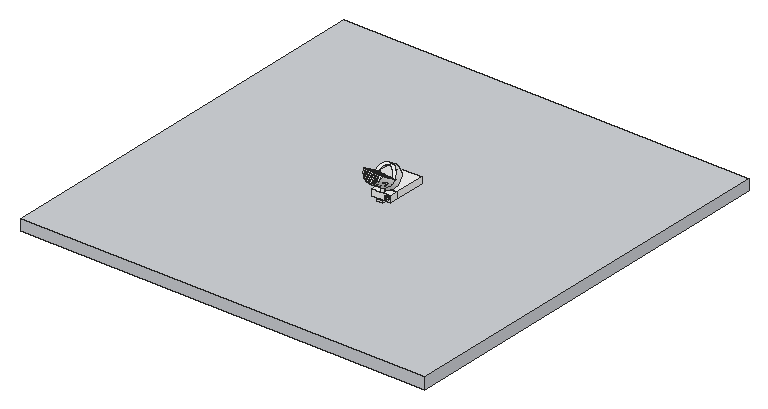
Revit family "Zumtobel INTRO liteCarve", category Lighting Fixtures, host Face, Revit 2016
Family settings
  Host = Face
  Part Type = Normal
  Round Connector Dimension = Use Diameter
  OmniClass Number = 23.80.70.11
  OmniClass Title = Luminaries for Internal Lighting
  Cut with Voids When Loaded = No
  Light Source = No
  Shared = No
  Room Calculation Point = No
Parameters (values of type "INTRO LED LC 3CV")
  Width = 125.00 mm  # constant formula
  Voltage = 230 V
  URL = "http://www.zumtobel.com/60713201"
  Type Comments = "© Zumtobel. We reserve the right to make technical changes without prior notice."  # constant formula
  Notes [instance] = "Maximum angle values between -40° and 5° degree."  # constant formula
  Model = "60713201"
  Manufacturer = "Zumtobel Lighting"  # constant formula
  Length = 348.00 mm  # constant formula
  Lamp = "LED"
  Height = 193.00 mm  # constant formula
  Description = "LED spotlight"  # constant formula
  Body [instance] = Zumtobel_Metal_White
  Apparent Load = 53 VA
  Rotation Angle [instance] = Angle + 90.00°  # 55.00°
  Rotation [instance] = 5.00°
  Default Elevation = 0.00 mm
  Assembly Code = "D5020200"
  Angle [instance] = -35.00°
Reference planes
  plane 1: z = 0
  plane 2 "Center (Left/Right)": x = 0
  plane 3 "Center (Front/Back)": y = -11.001
  plane 4 "Axis Rotation": z = 62.593
Forms (mm)
  Extrusion 1, solid
    sketch origin (0, 0, 0) x (1, 0, 0) y (0, 1, 0)
      loop
        line (-1219.2, 1219.2) -> (-1219.2, -1219.2) -> (1219.2, -1219.2) -> (1219.2, 1219.2) -> (-1219.2, 1219.2)
    from 0 to -66.193
  Extrusion 2, solid, material "Zumtobel_Metal_White" <- "Body"
    sketch origin (0, -500, 0) x (0, 1, 0) y (0, 0, -1)
      loop
        line (721.999, -8) -> (721.999, 0) -> (464, 0) -> (464, -8) -> (721.999, -8)
    from -17 to 17
  Extrusion 3, solid, material "Zumtobel_Metal_White" <- "Body"
    sketch origin (0, -270, 0) x (0, 1, 0) y (0, 0, -1)
      loop
        line (480.999, -46) -> (480.999, -8) -> (295.5, -8) -> (295.5, -46) -> (480.999, -46)
      loop
        line (293, -46) -> (293, -8) -> (247, -8) -> (247, -46) -> (293, -46)
    from -56.5 to 56.5
  Extrusion 4, solid, material "Zumtobel_Metal_White" <- "Body"
    sketch origin (0, -272.5, 0) x (0, 1, 0) y (0, 0, -1)
      loop
        line (298, -43.5) -> (298, -8) -> (295.5, -8) -> (295.5, -43.5) -> (298, -43.5)
    from -54 to 54
  Extrusion 5, solid, material "Zumtobel_Metal_White" <- "Body"
    sketch origin (0, 0, 0) x (-1, 0, 0) y (0, -1, 0)
      loop
        circle (0, 11.001) r 11
    from 46 to 63.093
  Extrusion 6, solid, material "Zumtobel_Metal_White" <- "Body"
    sketch origin (6, -23, 46) x (0, 0, -1) y (1, 0, 0)
      loop
        circle (19, 29.75) r 12.5
      loop
        line (18.05, 19.798) -> (18.05, 39.702)
        arc (18.05, 39.702) -> (8.938, 29.75) -> (18.05, 19.798) r 9.991
      loop
        arc (20.25, 19.882) -> (28.75, 29.75) -> (20.25, 39.618) r 9.978
        line (20.25, 39.618) -> (20.25, 19.882)
    from 0 to 2.5
  Extrusion 7, void
    sketch origin (-236.433, 40.246, 141.442) x (-0.04999, -0.571394, -0.819152) y (-0.996195, 0.087156, 0)
      loop
        line (19.005, -185.021) -> (19.005, -294.979)
        arc (19.005, -294.979) -> (73.985, -240) -> (19.005, -185.021) r 54.979
    from 0 to -8
  Extrusion 8, void
    sketch origin (-236.433, 40.246, 141.442) x (-0.04999, -0.571394, -0.819152) y (-0.996195, 0.087156, 0)
      loop
        arc (-30.453, -240) -> (-28.36, -250.284) -> (-23.034, -259.326) r 31.807
        arc (-23.034, -259.326) -> (-14.246, -268.27) -> (-4.166, -275.728) r 79.827
        arc (-4.166, -275.728) -> (3.497, -279.802) -> (11.653, -282.771) r 62.283
        arc (11.653, -282.771) -> (19.726, -283.906) -> (27.798, -282.771) r 29.27
        arc (27.798, -282.771) -> (35.954, -279.802) -> (43.618, -275.728) r 62.283
        arc (43.618, -275.728) -> (53.698, -268.27) -> (62.486, -259.326) r 79.827
        arc (62.486, -259.326) -> (67.812, -250.284) -> (69.905, -240) r 31.807
        arc (69.905, -240) -> (67.812, -229.716) -> (62.486, -220.674) r 31.807
        arc (62.486, -220.674) -> (53.698, -211.73) -> (43.618, -204.272) r 79.827
        arc (43.618, -204.272) -> (35.954, -200.198) -> (27.798, -197.229) r 62.283
        arc (27.798, -197.229) -> (19.726, -196.094) -> (11.653, -197.229) r 29.27
        arc (11.653, -197.229) -> (3.497, -200.198) -> (-4.166, -204.272) r 62.283
        arc (-4.166, -204.272) -> (-14.246, -211.73) -> (-23.034, -220.674) r 79.827
        arc (-23.034, -220.674) -> (-28.36, -229.716) -> (-30.453, -240) r 31.807
    from 0 to 2.5
  Extrusion 9, solid, material "Zumtobel_Metal_White" <- "Body"
    sketch origin (-235.005, 56.567, 129.97) x (0.04999, 0.571394, 0.819152) y (-0.996195, 0.087156, 0)
      loop
        circle (-19.005, -240) r 62.979
    from -20 to 20
  Blend 10, solid, material "Zumtobel_Metal_White" <- "Body"
    base sketch origin (-236.433, 40.246, 141.442) x (0.04999, 0.571394, 0.819152) y (-0.996195, 0.087156, 0)
      loop
        arc (-19.005, -177.021) -> (-81.985, -240) -> (-19.005, -302.979) r 62.979
        line (-19.005, -302.979) -> (-19.005, -177.021)
    top sketch origin (-236.433, 40.246, 141.442) x (0.04999, 0.571394, 0.819152) y (-0.996195, 0.087156, 0)
      loop
        line (-27.01, -302.84) -> (-27.01, -177.298)
        arc (-27.01, -177.298) -> (-81.985, -240.069) -> (-27.01, -302.84) r 63.324
    from 0 to 95
  Extrusion 11, void
    sketch origin (-243.216, -37.277, 195.932) x (-0.04999, -0.571394, -0.819152) y (-0.996195, 0.087156, 0)
      loop
        line (12.526, -189.878) -> (95.914, -189.878) -> (95.914, -184.878) -> (12.526, -184.878) -> (12.526, -189.878)
      loop
        line (12.526, -201.615) -> (95.914, -201.615) -> (95.914, -196.615) -> (12.526, -196.615) -> (12.526, -201.615)
      loop
        line (12.526, -213.368) -> (95.914, -213.368) -> (95.914, -208.368) -> (12.526, -208.368) -> (12.526, -213.368)
      loop
        line (12.526, -225.121) -> (95.914, -225.121) -> (95.914, -220.121) -> (12.526, -220.121) -> (12.526, -225.121)
      loop
        line (12.526, -236.874) -> (95.914, -236.874) -> (95.914, -231.874) -> (12.526, -231.874) -> (12.526, -236.874)
      loop
        line (12.526, -290.122) -> (12.526, -295.122) -> (95.914, -295.122) -> (95.914, -290.122) -> (12.526, -290.122)
      loop
        line (12.526, -278.385) -> (12.526, -283.385) -> (95.914, -283.385) -> (95.914, -278.385) -> (12.526, -278.385)
      loop
        line (12.526, -266.632) -> (12.526, -271.632) -> (95.914, -271.632) -> (95.914, -266.632) -> (12.526, -266.632)
      loop
        line (12.526, -254.879) -> (12.526, -259.879) -> (95.914, -259.879) -> (95.914, -254.879) -> (12.526, -254.879)
      loop
        line (12.526, -243.126) -> (12.526, -248.126) -> (95.914, -248.126) -> (95.914, -243.126) -> (12.526, -243.126)
    from 0 to 81
Cuts and joins
  Extrusion 8, Extrusion 11 cuts Extrusion 9
  Extrusion 7, Extrusion 11 cuts Blend 10
Lines and regions (mm)
  reference lines
    curve 1: line (0, -11.001, 0) -> (-737.184, 53.495, 0)
    curve 2: line (-737.184, 53.495, 63.093) -> (-719.437, 256.339, 353.892)
    curve 3: line (-737.184, 53.495, 0) -> (-737.184, 53.495, 145)
    curve 4: line (-64.495, -11.001, 144.5) -> (0, 726.183, 144.5)
    curve 5: line (0, -11.001, 0) -> (-851.746, 63.518, 0)
Dimensions and locks
  locked: plane 4 "Axis Rotation" to plane 1 at 62.593
  locked: connector elem to plane 3 "Center (Front/Back)" at 0
  "Rotation": angle curve 4 to plane 2 "Center (Left/Right)"
  locked: curve 4 to curve 5 (angle 90.00°)
  "Rotation Angle": angle curve 2 to plane 1
  "Rotation": angle curve 1 to plane 3 "Center (Front/Back)"
  aligned and locked: plane 1 to Extrusion 1
  aligned and locked: level to Extrusion 1
  aligned and locked: plane 3 "Center (Front/Back)" to curve 1
  aligned and locked: plane 2 "Center (Left/Right)" to curve 1
  aligned and locked: curve 3 to curve 2
Automatic sketch dimensions
  Extrusion 1 sketch curve to Extrusion 1 sketch curve = 2438.40 mm  (x2)
  curve 3 to curve 1 = 0.00 mm
  curve 1 to curve 3 = 0.00 mm
  curve 1 to curve 3 = 145.00 mm
  Extrusion 2 sketch curve to level = 0.00 mm
  level to Extrusion 2 sketch curve = 8.00 mm
  Extrusion 2 sketch curve to plane 3 "Center (Front/Back)" = 24.999 mm
  plane 3 "Center (Front/Back)" to Extrusion 2 sketch curve = 233.00 mm
  Extrusion 3 sketch curve to plane 3 "Center (Front/Back)" = 11.999 mm
  plane 3 "Center (Front/Back)" to Extrusion 3 sketch curve = 34.001 mm
  Extrusion 3 sketch curve to Extrusion 3 sketch curve = 2.50 mm
  level to Extrusion 3 sketch curve = 8.00 mm  (x2)
  Extrusion 3 sketch curve to Extrusion 3 sketch curve = 185.499 mm
  plane 3 "Center (Front/Back)" to Extrusion 4 sketch curve = 34.001 mm
  Extrusion 4 sketch curve to Extrusion 4 sketch curve = 2.50 mm
  level to Extrusion 4 sketch curve = 8.00 mm
  Extrusion 5 sketch curve to plane 3 "Center (Front/Back)" = 0.00 mm
  Extrusion 6 sketch curve to Extrusion 6 sketch curve = 0.723 mm
  Extrusion 6 sketch curve to Extrusion 6 sketch curve = 0.156 mm
  Extrusion 6 sketch curve to Extrusion 6 sketch curve = 0.072 mm
  Extrusion 6 sketch curve to Extrusion 6 sketch curve = 2.20 mm
  Extrusion 6 sketch curve to Extrusion 6 sketch curve = 0.084 mm
  Extrusion 6 sketch curve to Extrusion 6 sketch curve = 9.868 mm
  Extrusion 6 sketch curve to Extrusion 6 sketch curve = 0.00 mm  (x2)
  curve 2 to Extrusion 9 sketch curve = 62.637 mm
  Extrusion 9 sketch curve to curve 2 = 740.00 mm
  Extrusion 8 sketch curve to Extrusion 8 sketch curve = 0.00 mm  (x16)
  Extrusion 8 sketch curve to Extrusion 8 sketch curve = 0.008 mm
  Extrusion 8 sketch curve to Extrusion 8 sketch curve = 9.294 mm  (x4)
  Extrusion 8 sketch curve to Extrusion 8 sketch curve = 9.105 mm  (x4)
  Extrusion 8 sketch curve to Extrusion 8 sketch curve = 9.286 mm
  Extrusion 8 sketch curve to Extrusion 8 sketch curve = 14.879 mm  (x4)
  Extrusion 8 sketch curve to Extrusion 8 sketch curve = 2.461 mm  (x3)
  Extrusion 8 sketch curve to Extrusion 8 sketch curve = 15.982 mm  (x2)
  Extrusion 8 sketch curve to Extrusion 8 sketch curve = 2.23 mm  (x2)
  Extrusion 8 sketch curve to Extrusion 8 sketch curve = 13.521 mm
  Extrusion 8 sketch curve to Extrusion 8 sketch curve = 5.494 mm  (x2)
  Blend 10 sketch curve to Blend 10 sketch curve = 8.348 mm
  Blend 10 sketch curve to Blend 10 sketch curve = 62.771 mm
  Extrusion 11 sketch curve to Blend 10 = 14.484 mm  (x2)
  Extrusion 11 sketch curve to Extrusion 11 sketch curve = 0.00 mm  (x17)
  Blend 10 to Extrusion 11 sketch curve = 68.905 mm
  Extrusion 11 sketch curve to Extrusion 11 sketch curve = 5.00 mm  (x10)
  Extrusion 11 sketch curve to Extrusion 11 sketch curve = 6.737 mm  (x2)
  Extrusion 11 sketch curve to Extrusion 11 sketch curve = 6.753 mm  (x6)
  Extrusion 11 sketch curve to Extrusion 11 sketch curve = 6.251 mm
  Extrusion 3 sketch curve to Extrusion 3 sketch curve = 38.00 mm
  Extrusion 3 sketch curve to Extrusion 3 sketch curve = 0.00 mm
  Extrusion 4 sketch curve to Extrusion 4 sketch curve = 35.50 mm
  level to Extrusion 6 sketch curve = 27.95 mm
  Extrusion 5 sketch curve to plane 2 "Center (Left/Right)" = 0.00 mm
  plane 2 "Center (Left/Right)" to Extrusion 6 sketch curve = 25.798 mm
  curve 2 to plane 4 "Axis Rotation" = 0.50 mm
  curve 4 to plane 3 "Center (Front/Back)" = 0.00 mm
  curve 4 to plane 2 "Center (Left/Right)" = 0.00 mm
  radius of Extrusion 5 sketch curve = 11.00 mm
  radius of Extrusion 6 sketch curve = 12.50 mm
  radius of Extrusion 9 sketch curve = 62.979 mm
  radius of Blend 10 sketch curve to Extrusion 9 = 0.00 mm
  radius of Extrusion 7 sketch curve to Extrusion 9 = 8.00 mm
Nested families
  nested 1: "Zumtobel Intro Light Source" at (1.869, 7.385, 125.18) x (-0.05, -0.5714, -0.8192) z (0.0714, 0.816, -0.5736), type "Zumtobel Intro Light Source"
Connectors
  electrical at (0, -11.001, 0), driven by "Apparent Load", driven by "Voltage"
    settings: index 1, voltage 230 V, apparent load 0 VA, apparent load phase1 53 VA, apparent load phase2 0 VA, apparent load phase3 0 VA, power factor 1, load classification "Lighting", number of poles 1, system type 31, power factor state 1, is connector primary yes, connector utility no, sub classification motor no, connector description ""
Definition of nested family "Zumtobel Intro Light Source"
  Parameters (values of type "Zumtobel Intro Light Source")
    Wattage = 18.0151 W
    built-in parameter 1150110 = 1 (stored number, unit not read)
    built-in parameter 1114217 = 1 (stored number, unit not read)
    Tilt Angle = 60.00°
    built-in parameter 1150109 = 1 (stored number, unit not read)
    built-in parameter 1150134 = 12
    built-in parameter 1150113 = 1 (stored number, unit not read)
    Photometric Web File = "60713201_(STD).IES"
    Lumens = 2676 lm
    built-in parameter 1150115 = 1 (stored number, unit not read)
    built-in parameter 1150105 = 212.95 (stored number, unit not read)
    built-in parameter 1150137 = (empty or 0)
    built-in parameter 1150139 = (empty or 0)
    built-in parameter 1150112 = 1 (stored number, unit not read)
    built-in parameter 1150114 = 1 (stored number, unit not read)
    built-in parameter 1150132 = 2
    built-in parameter 1150102 = (empty or 0)
    built-in parameter 1150138 = (empty or 0)
    built-in parameter 1150107 = 4000 (stored number, unit not read)
    built-in parameter 1150106 = 2.1295 (stored number, unit not read)
    built-in parameter 1150104 = 13.8 (stored number, unit not read)
    Dimming Lamp Color Temperature Shift = (empty or 0)
    Default Elevation = 1219.20 mm
    Color Filter = 16777215
    built-in parameter 1114218 = 1 (stored number, unit not read)
    built-in parameter 1150133 = 10 (stored number, unit not read)
  Reference planes
    plane 1 "Light Source Axis (F/B)": y = 0
    plane 2: z = 0
    plane 3 "Light Source Axis (L/R)": x = 0
    plane 4 "Light Source Elevation": z = 0
  Dimensions and locks
    aligned and locked: level to plane 2
